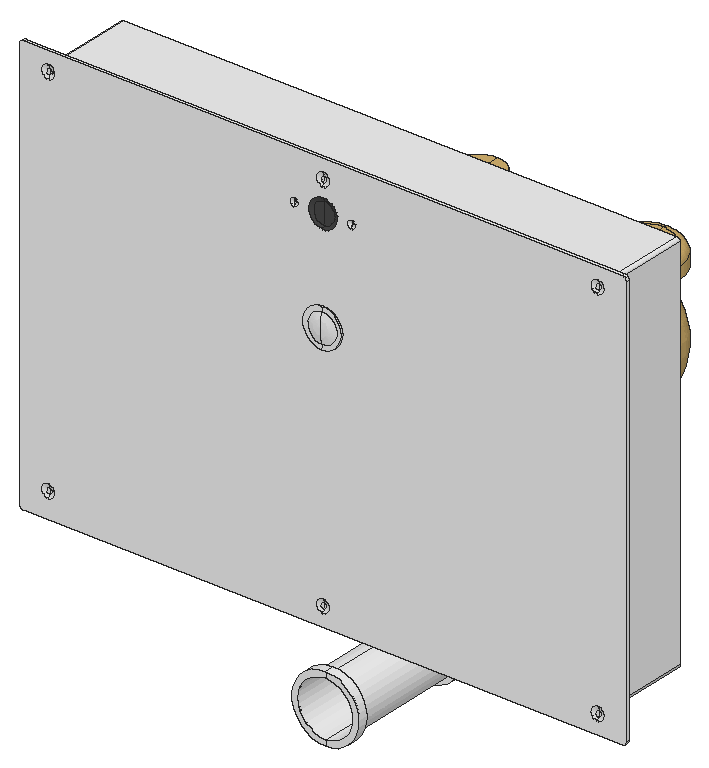
Revit family "xFlush_Valve-Toilet-Wall_Box-American_Standard-Concealed-Back_Spud_Series", category Plumbing Fixtures, Revit 2014
Parameters (values of type "606B.312")
  Waste Connection = no
  Warranty Information = "1 Year Limited Warranty"
  WFU = 0
  Vent Connection = no
  Valve Distance From Finished Wall = 5"
  URL = "http://www.americanstandard-us.com/"
  Type Comments = "Power Kits Must Be Purchased Separately."
  Tube Length = 8"
  Product Page URL = "https://www.americanstandard-us.com/bathroom/commercial-flushometers/selectronic-concealed-toilet-flush-valve-with-wall-box-for-wall-hung-hung-back-spud-bowls-28660"
  Product Documentation Link = "https://www.americanstandard-us.com/-/media/sites/asus/files/product-specs/commercial-flush-valves/spec-sheet-606b32-selectronic-concealed-toilet-fv-large-box-back-spud.pdf?la=en"
  Price = "Prices may vary. Please consult Manufacturer Representative for most up-to-date price list."  # constant formula
  PK00.WRK - PWRX 10-Year Battery - Power Kit = no
  PK00.PAC - Plug-In AC- Power Kit = no
  PK00.MAC - Multi-AC - Power Kit = no
  PK00.HAC - Hard Wired AC - Power Kit = no
  PK00.CRP-P2 Lithium Battery - Power Kit = no
  PK00.BBU - Battery Back-Up = yes
  Model = "606B.312"
  Material = "Metal-American Standard-002-Polished Chrome"
  Manufacturer = "American Standard"  # constant formula
  Installation Type = "Concealed, Back Spud"  # constant formula
  HWFU = 0
  HW Connection = no
  Flush Rate = "1.1 gpf/4.2 Lpf"
  Description = "Selectronic Sensor Operated Concealed Toilet Flush Valve With Wall Box"  # constant formula
  Default Elevation = 0"
  Creation Date = "09/21/2016"  # constant formula
  Cold Water Connection Width = 4 1/4"
  Cold Water Connection Radius = 1/2"
  Cold Water Connection Diameter = Cold Water Connection Radius * 2  # 1"
  CWFU = 10
  CW Connection = yes
  Assembly Code = "D2020300"
  ADA Compliant = yes
Types (4): name | Model | Flush Rate
  (no name) | "606B.312" | "1.1 gpf/4.2 Lpf"
  606B.362 | "606B.362" | "1.6 gpf/6.0 Lpf"
  606B.322 | "606B.322" | "1.28 gpf/4.8 Lpf"
  606B.312 | "606B.312" | "1.1 gpf/4.2 Lpf"
Reference planes (in)
  plane 1 "Center (Front/Back)": y = -3.78125
  plane 2: z = 0
  plane 3 "Center (Left/Right)": x = 0
  plane 4: z = 8
  plane 5: y = 1.21875
  plane 6: x = 4.25
  plane 7: z = 1.07052
  plane 8: y = -0.28125
  plane 9: y = -0.78125
  plane 10: y = -4.28125
  plane 11: y = -5.78125
  plane 12: z = 10.44552
  plane 13: z = 9.69552
  plane 14: z = 9.57052
  plane 15: z = 9.38302
  plane 16: z = 9.00825
  plane 17: z = 5.63325
  plane 18: z = 5.602
  plane 19: z = 5.102
  plane 20: z = 5.07023
  plane 21: z = 4.602
  plane 22: z = 1.69552
  plane 23: y = 0.10062
  plane 24: y = -0.02438
  plane 25: y = 0.01113
  plane 26: x = 0.75
  plane 27: x = -0.75
  plane 28: z = 11.87082
  plane 29: y = -0.39938
  plane 30: y = 0.59375
  plane 31: y = 0.62575
  plane 32: y = 0.09315
  plane 33: y = -0.15685
  plane 34: y = 0.21875
  plane 35: y = 0.15625
  plane 36: y = 0.21431
  plane 37: y = 0.46875
  plane 38: y = 0.21875
  plane 39: z = 1.69552
  plane 40: z = 1.9375
  plane 41: x = 7.9375
  plane 42: x = -7.9375
  plane 43: z = 12.9375
  plane 44: x = 5.45472
  plane 45: x = 3.04528
  plane 46: x = 0.7881
  plane 47: x = -0.78249
  plane 48: x = -7.1875
  plane 49: x = 7.1875
  plane 50: z = 12.4375
  plane 51: z = 2.4375
  plane 52: z = 12.26443
  plane 53: z = 2.4375
  plane 54: z = 2.26443
  plane 55: z = 12.26443
  plane 56: z = 12.26443
  plane 57: z = 2.26443
  plane 58: z = 11.53651
  plane 59: z = 11.53651
  plane 60: z = 8.97284
  plane 61: z = 9.47897
Forms (in)
  Revolve 1, solid, material "Brass-American Standard-Satin"
    sketch origin (0, 1.21875, -28.14848) x (0, 0, -1) y (0, -1, 0)
      loop
        line (-29.21901, 0) -> (-29.21901, 1) -> (-29.84401, 1) -> (-29.84401, 0.75) -> (-32.75048, 0.75) -> (-32.75048, 1) -> (-33.21871, 1) -> (-33.25048, 1.0625) -> (-33.75048, 1.0625) -> (-33.75048, 1.00444) -> (-33.78173, 1.00444) -> (-33.78173, 1.07613)
        arc (-33.78173, 1.07613) -> (-33.79573, 1.11554) -> (-33.83145, 1.1373) r 0.0625
        arc (-33.83145, 1.1373) -> (-35.48525, 1.39965) -> (-37.15673, 1.5) r 17.20619
        line (-37.15673, 1.5) -> (-37.15673, 1.3756) -> (-37.53151, 1.3756) -> (-37.53151, 1.1256) -> (-37.71901, 1.1256) -> (-37.71901, 0.593) -> (-37.84401, 0.593) -> (-37.84401, 0.625) -> (-38.59401, 0.625) -> (-38.59401, 0) -> (-29.21901, 0)
      axis (-38.59401, 0) -> (-29.21901, 0)
    angle from 0 to 360
  Revolve 2, solid, material "Metal-American Standard-002-Polished Chrome"
    sketch origin (0, 0, 0) x (0, 1, 0) y (0, 0, 1)
      loop
        line (0.10062, 0.8408) -> (0.01113, 0.8408) -> (-0.02438, 0.87632) -> (-0.39938, 0.87632) -> (-0.39938, 0.75) -> (-3.53125, 0.75) -> (-3.53125, 0.87632) -> (-3.78125, 0.87632) -> (-3.78125, 0.71875) -> (-0.39938, 0.71875) -> (-0.39938, 0) -> (0.10062, 0) -> (0.10062, 0.8408)
      axis (0.10062, 0) -> (-3.78125, 0)
    angle from 0 to 360
  Sweep 3, solid, material "Metal-American Standard-002-Polished Chrome"
    path origin (0, 0, 0) x (0, 1, 0) y (0, 0, 1)
      loop
        line (1.21875, 1.69552) -> (1.21875, 0.8)
        arc (1.21875, 0.8) -> (0.98444, 0.23431) -> (0.41875, 0) r 0.8
        line (0.41875, 0) -> (-0.39938, 0)
    profile origin (0, 1.21875, 1.24776) x (1, 0, 0) y (0, 1, 0)
      loop
        circle (0, 0) r 0.75
  Revolve 4, solid, material "Brass-American Standard-Satin"
    sketch origin (4.25, -180, 102.71882) x (0, 0, 1) y (0, -1, 0)
      loop
        line (-92.46142, -181.21875) -> (-92.46142, -180.46875)
        arc (-92.46142, -180.46875) -> (-92.53464, -180.29197) -> (-92.71142, -180.21875) r 0.25
        line (-92.71142, -180.21875) -> (-93.01346, -180.21875) -> (-93.01346, -180.28125) -> (-92.77988, -180.28125) -> (-92.77988, -180.71875) -> (-92.92863, -180.71875) -> (-92.92863, -181.03125) -> (-93.05257, -181.03125) -> (-93.05257, -181.125) -> (-93.14451, -181.125) -> (-93.14451, -180.59375) -> (-93.51951, -180.59375) -> (-93.67208, -180.46875) -> (-93.82884, -180.46875) -> (-93.89451, -180.41697)
        arc (-93.89451, -180.41697) -> (-94.76951, -180.21833) -> (-95.64451, -180.41697) r 2.02641
        line (-95.64451, -180.41697) -> (-95.64451, -180.46875) -> (-96.39451, -180.46875) -> (-96.39451, -180.59375) -> (-96.89451, -180.59375) -> (-96.89451, -180.71875) -> (-95.64451, -180.71875) -> (-95.64451, -181.21875) -> (-92.46142, -181.21875)
      axis (-92.46142, -181.21875) -> (-96.89451, -181.21875)
    angle from 0 to 360
  Revolve 5, solid, material "Brass-American Standard-Satin"
    sketch origin (-8.47849, 1.2, 8) x (-1, 0, 0) y (0, -1, 0)
      loop
        line (-8.47849, -0.01875) -> (-12.72849, -0.01875) -> (-12.72849, -0.83125) -> (-11.60349, -0.83125) -> (-11.60349, -1.01875) -> (-10.85349, -1.01875) -> (-10.85349, -0.64375) -> (-10.48636, -0.64375) -> (-10.48636, -0.73859)
        arc (-10.48636, -0.73859) -> (-10.47753, -0.75992) -> (-10.4562, -0.76875) r 0.03016
        line (-10.4562, -0.76875) -> (-8.47849, -0.76875) -> (-8.47849, -0.01875)
      axis (-12.72849, -0.01875) -> (-8.47849, -0.01875)
    angle from 0 to 360
  Extrusion 6, solid, material "Metal-American Standard-002-Polished Chrome"
    sketch origin (0.00041, -2.39758, -9.46824) x (1, 0, 0) y (0, 0, 1)
      loop
        arc (7.23293, 11.90776) -> (7.28861, 11.93082) -> (7.31167, 11.9865) r 0.07874
        line (7.31167, 11.9865) -> (7.31167, 21.90406)
        arc (7.31167, 21.90406) -> (7.28861, 21.95974) -> (7.23293, 21.9828) r 0.07874
        line (7.23293, 21.9828) -> (-7.23375, 21.9828)
        arc (-7.23375, 21.9828) -> (-7.28943, 21.95974) -> (-7.31249, 21.90406) r 0.07874
        line (-7.31249, 21.90406) -> (-7.31249, 11.9865)
        arc (-7.31249, 11.9865) -> (-7.28943, 11.93082) -> (-7.23375, 11.90776) r 0.07874
        line (-7.23375, 11.90776) -> (7.23293, 11.90776)
      loop
        line (-7.18791, 21.90574) -> (-7.18791, 12.03375) -> (7.18709, 12.03375) -> (7.18709, 21.90574) -> (-7.18791, 21.90574)
    from -1.0688 to 1.38367
  Extrusion 7, solid, material "Metal-American Standard-002-Polished Chrome"
    sketch origin (0.00041, -2.39758, -9.46824) x (1, 0, 0) y (0, 0, 1)
      loop
        arc (7.82772, 11.40574) -> (7.90506, 11.43778) -> (7.93709, 11.51512) r 0.10938
        line (7.93709, 11.51512) -> (7.93709, 22.29637)
        arc (7.93709, 22.29637) -> (7.90506, 22.37371) -> (7.82772, 22.40574) r 0.10938
        line (7.82772, 22.40574) -> (-7.82935, 22.40574)
        arc (-7.82935, 22.40574) -> (-7.90611, 22.37395) -> (-7.93791, 22.29718) r 0.10856
        line (-7.93791, 22.29718) -> (-7.93791, 11.51512)
        arc (-7.93791, 11.51512) -> (-7.90587, 11.43778) -> (-7.82853, 11.40574) r 0.10937
        line (-7.82853, 11.40574) -> (7.82772, 11.40574)
    from 1.38367 to 1.46241
  Extrusion 8, void
    sketch origin (7.49696, -2.39758, 2.56551) x (0, -1, 0) y (-1, 0, 0)
      loop
        line (-1.0688, 6.70886) -> (0.19104, 6.70886)
        spline (0.19104, 6.70886) -> (0.41427, 6.73562) -> (0.62228, 6.81407) -> (0.80091, 6.93887) -> (0.93797, 7.10151) -> (1.02414, 7.29091) -> (1.05352, 7.49416) -> (1.02414, 7.6974) -> (0.93797, 7.8868) -> (0.80091, 8.04944) -> (0.62228, 8.17424) -> (0.41427, 8.25269) -> (0.19104, 8.27945)
        line (0.19104, 8.27945) -> (-1.0688, 8.27945) -> (-1.0688, 6.70886)
      loop
        line (-1.0688, 2.04224) -> (0.19104, 2.04224)
        spline (0.19104, 2.04224) -> (0.41427, 2.08329) -> (0.62228, 2.20364) -> (0.80091, 2.39509) -> (0.93797, 2.6446) -> (1.02414, 2.93516) -> (1.05352, 3.24696) -> (1.02414, 3.55877) -> (0.93797, 3.84933) -> (0.80091, 4.09883) -> (0.62228, 4.29028) -> (0.41427, 4.41064) -> (0.19104, 4.45169)
        line (0.19104, 4.45169) -> (-1.0688, 4.45169) -> (-1.0688, 2.04224)
    from 0 to 0.4562
  Revolve 9, void
    sketch origin (0, -1.74898, -6.61192) x (0, 1, 0) y (0, 0, 1)
      loop
        line (-2.11101, 17.875) -> (-2.07901, 17.96794) -> (-2.07901, 18.25) -> (-2.11101, 18.25) -> (-2.11101, 17.875)
      axis (-2.11101, 18.25) -> (-2.07164, 18.25)
    angle from 0 to 360
  Revolve 10, void
    sketch origin (-7.1875, -1.74898, -5.8125) x (0, 1, 0) y (0, 0, 1)
      loop
        line (-2.11101, 18.07693) -> (-2.07901, 18.16987) -> (-2.07901, 18.25) -> (-2.11101, 18.25) -> (-2.11101, 18.07693)
      axis (-2.11101, 18.25) -> (-2.07164, 18.25)
    angle from 0 to 360
  Revolve 11, void
    sketch origin (-7.1875, -1.74898, -15.63943) x (0, 1, 0) y (0, 0, 1)
      loop
        line (-2.11101, 18.07693) -> (-2.07901, 18.16987) -> (-2.07901, 18.25) -> (-2.11101, 18.25) -> (-2.11101, 18.07693)
      axis (-2.11101, 18.25) -> (-2.07164, 18.25)
    angle from 0 to 360
  Revolve 12, void
    sketch origin (7.1875, -1.74898, -15.8125) x (0, 1, 0) y (0, 0, 1)
      loop
        line (-2.11101, 18.07693) -> (-2.07901, 18.16987) -> (-2.07901, 18.25) -> (-2.11101, 18.25) -> (-2.11101, 18.07693)
      axis (-2.11101, 18.25) -> (-2.07164, 18.25)
    angle from 0 to 360
  Revolve 13, void
    sketch origin (7.1875, -1.74898, -5.8125) x (0, 1, 0) y (0, 0, 1)
      loop
        line (-2.11101, 18.07693) -> (-2.07901, 18.16987) -> (-2.07901, 18.25) -> (-2.11101, 18.25) -> (-2.11101, 18.07693)
      axis (-2.11101, 18.25) -> (-2.07164, 18.25)
    angle from 0 to 360
  Revolve 14, void
    sketch origin (0, -1.74898, -5.8125) x (0, 1, 0) y (0, 0, 1)
      loop
        line (-2.11101, 18.07693) -> (-2.07901, 18.16987) -> (-2.07901, 18.25) -> (-2.11101, 18.25) -> (-2.11101, 18.07693)
      axis (-2.11101, 18.25) -> (-2.07164, 18.25)
    angle from 0 to 360
  Revolve 15, void
    sketch origin (0, -1.74898, -15.8125) x (0, 1, 0) y (0, 0, 1)
      loop
        line (-2.11101, 18.07693) -> (-2.07901, 18.16987) -> (-2.07901, 18.25) -> (-2.11101, 18.25) -> (-2.11101, 18.07693)
      axis (-2.11101, 18.25) -> (-2.07164, 18.25)
    angle from 0 to 360
  Revolve 16, void
    sketch origin (-0.75, -1.74898, -6.61192) x (0, 1, 0) y (0, 0, 1)
      loop
        line (-2.11101, 18.14844) -> (-2.07901, 18.20993) -> (-2.07901, 18.25) -> (-2.11101, 18.25) -> (-2.11101, 18.14844)
      axis (-2.11101, 18.25) -> (-2.07164, 18.25)
    angle from 0 to 360
  Revolve 17, void
    sketch origin (0.75, -1.74898, -6.61192) x (0, 1, 0) y (0, 0, 1)
      loop
        line (-2.11101, 18.14844) -> (-2.07901, 18.20993) -> (-2.07901, 18.25) -> (-2.11101, 18.25) -> (-2.11101, 18.14844)
      axis (-2.11101, 18.25) -> (-2.07164, 18.25)
    angle from 0 to 360
  Revolve 18, solid, material "Metal-American Standard-002-Polished Chrome"
    sketch origin (0, -54.94636, 16.8649) x (0, 1, 0) y (0, 0, 1)
      loop
        line (51.08637, -7.89205) -> (51.08637, -7.38592) -> (51.05437, -7.38592) -> (51.05437, -7.51092)
        arc (51.05437, -7.51092) -> (51.01515, -7.6997) -> (51.002, -7.89205) r 1.41307
        line (51.002, -7.89205) -> (51.08637, -7.89205)
      axis (51.002, -7.89205) -> (51.08637, -7.89205)
    angle from 0 to 360
Cuts and joins
  joined: Revolve 2, Sweep 3
  Extrusion 8 cuts Extrusion 6
  Revolve 9, Revolve 10, Revolve 11, Revolve 12, Revolve 13, Revolve 14, Revolve 15, Revolve 16, Revolve 17 cuts Extrusion 7
  joined: Extrusion 6, Extrusion 7
Lines and regions (in)
  Masking region 1
    outline origin (-8.47849, 1.2, 8) x (-1, 0, 0) y (0, -1, 0)
      loop
        line (-16.41599, 4.98125) -> (-15.79057, 4.98125) -> (-15.79057, 2.52878) -> (-9.22849, 2.52878) -> (-9.22849, 1.59938) -> (-7.72849, 1.59938) -> (-7.72849, 2.52878) -> (-1.16641, 2.52878) -> (-1.16641, 4.98125) -> (-0.54099, 4.98125) -> (-0.54099, 5.05999) -> (-7.97236, 5.05999) -> (-7.97236, 5.09199) -> (-8.10063, 5.09199)
        arc (-8.10063, 5.09199) -> (-8.47563, 5.14485) -> (-8.85063, 5.09199) r 1.35667
        line (-8.85063, 5.09199) -> (-8.98462, 5.09199) -> (-8.98462, 5.05999) -> (-16.41599, 5.05999) -> (-16.41599, 4.98125)
  Masking region 2
    outline origin (-8.47849, 1.2, 8) x (-1, 0, 0) y (0, -1, 0)
      loop
        line (-7.60217, 1.19865) -> (-7.60217, 1.59938) -> (-9.35481, 1.59938) -> (-9.35481, 1.19865)
        arc (-9.35481, 1.19865) -> (-9.59091, 0.98749) -> (-9.77741, 0.73145) r 1.5
        line (-9.77741, 0.73145) -> (-10.48636, 0.73145) -> (-10.48636, 0.60629) -> (-10.85349, 0.60629) -> (-10.85349, 0.98125) -> (-11.60349, 0.98125) -> (-11.60349, 0.7944) -> (-12.14643, 0.7944)
        arc (-12.14643, 0.7944) -> (-13.72849, -0.01875) -> (-12.14643, -0.8319) r 1
        line (-12.14643, -0.8319) -> (-11.60349, -0.8319) -> (-11.60349, -1.01875) -> (-10.85349, -1.01875) -> (-10.85349, -0.64379) -> (-10.48636, -0.64379) -> (-10.48636, -0.76895) -> (-9.77741, -0.76895)
        arc (-9.77741, -0.76895) -> (-7.47225, -1.13118) -> (-7.60217, 1.19865) r 1.5
  symbolic lines, detail levels medium+fine
    curve 1: line (7.31208, -3.78125, 8) -> (-7.31208, -3.78125, 8)
    curve 2: line (7.31208, -1.32878, 8) -> (-7.31208, -1.32878, 8)
    curve 3: circle (0, 1.21875, 8) r 0.625 normal (0, 0, 1)
    curve 4: arc (3.66794, 0.4056, 8) -> (3.25, 1.21875, 8) -> (3.66794, 2.0319, 8) r 1
    curve 5: line (2.375, 1.84379, 8) -> (2.375, 0.59375, 8)
    curve 6: line (3.125, 2.0319, 8) -> (3.125, 0.40625, 8)
    curve 7: line (2.00788, 1.84379, 8) -> (2.00788, 0.59371, 8)
    curve 8: arc (1.29892, 1.96895, 8) -> (1.5, 1.21875, 8) -> (1.29892, 0.46855, 8) r 1.5
    curve 9: arc (0.87632, 0.00135, 8) -> (0, -0.28125, 8) -> (-0.87632, 0.00135, 8) r 1.5
    curve 12: line (0.75, -0.39938, 8) -> (0.75, -3.78125, 8)
    curve 13: line (-0.75, -3.78125, 8) -> (-0.75, -0.39938, 8)
    curve 14: line (-0.50613, -3.85999, 8) -> (0.50613, -3.85999, 8)
  symbolic lines, detail levels fine
    curve 10: circle (0, 1.21875, 8) r 1.1256 normal (0, 0, 1)
    curve 11: circle (0, 1.21875, 8) r 1.3756 normal (0, 0, 1)
Dimensions and locks (in)
  "Cold Water Connection Width": plane 6 to plane 3 "Center (Left/Right)"
  plane 12 to plane 13 to plane 14 to plane 15 to plane 16 to plane 4 to plane 17 to plane 18 to plane 19 to plane 20 to plane 21 = 3/4" locked, 1/8" locked, 3/16" locked, 0.37478" locked, 1.00825" locked, 2.36675" locked, 1/32" locked, 1/2" locked, 0.03177" locked, 0.46823" locked
  "Tube Length": plane 4 to plane 2
  locked: plane 1 "Center (Front/Back)" to plane 10 at 0.5
  locked: plane 5 to plane 23 at 1.11813
  plane 23 to plane 25 to plane 24 = 0.08948" locked, 0.03552" locked
  locked: plane 5 to plane 9 at 2
  locked: plane 24 to plane 29 at 0.375
  "Valve Distance From Finished Wall": plane 5 to plane 1 "Center (Front/Back)"
  plane 5 to plane 31 to plane 30 to plane 32 to plane 33 to plane 8 = 0.593" locked, 0.032" locked, 0.5006" locked, 1/4" locked, 0.1244" locked
  plane 5 to plane 37 to plane 34 to plane 38 to plane 36 to plane 35 = 3/4" locked, 1/4" locked, 0" locked, 0.00444" locked, 0.05806" locked
  locked: plane 45 to plane 44 at 2.40945
  locked: plane 47 to plane 46 at 1.57058
  locked: plane 45 to plane 6 at 1.20472
  locked: plane 61 to plane 60 at 0.50613
  locked: plane 60 to plane 2 at 8.97284
  locked: Masking region 2 sketch curve to Masking region 2 sketch curve at 0.75
  aligned and locked: Revolve 2 sketch curve to level
  aligned and locked: plane 5 to Sweep 3 sketch curve
  aligned and locked: plane 2 to Sweep 3 sketch curve
  aligned and locked: Revolve 2 sketch curve to plane 23
  aligned and locked: plane 25 to Revolve 2 sketch curve
  aligned and locked: plane 24 to Revolve 2 sketch curve
  aligned and locked: Revolve 1 sketch curve to plane 30
  aligned and locked: Revolve 1 sketch curve to plane 31
  aligned and locked: Revolve 1 sketch curve to plane 32
  aligned and locked: plane 33 to Revolve 1 sketch curve
  aligned and locked: plane 8 to Revolve 1 sketch curve
  aligned and locked: Revolve 1 sketch curve to plane 35
  aligned and locked: Revolve 1 sketch curve to plane 36
  aligned and locked: Revolve 1 sketch curve to plane 34
  aligned and locked: plane 37 to Revolve 1 sketch curve
  aligned and locked: plane 38 to Revolve 1 sketch curve
  aligned and locked: Revolve 1 sketch curve to plane 5
  aligned and locked: Revolve 1 sketch curve to Revolve 1 sketch curve
  aligned and locked: plane 4 to Revolve 5 sketch curve
  aligned and locked: plane 39 to Sweep 3 sketch curve
  aligned and locked: plane 43 to Extrusion 7 sketch curve
  aligned and locked: Extrusion 7 sketch curve to plane 41
  aligned and locked: Extrusion 7 sketch curve to plane 42
  aligned and locked: plane 44 to Extrusion 8 sketch curve
  aligned and locked: Extrusion 8 sketch curve to plane 45
  aligned and locked: Extrusion 8 sketch curve to plane 47
  aligned and locked: plane 46 to Extrusion 8 sketch curve
  aligned and locked: plane 60 to Revolve 18 sketch curve  (x2)
  aligned and locked: Revolve 18 sketch curve to plane 61
  aligned and locked: Masking region 1 sketch curve to cut or joined group 1 (Extrusion 6, Extrusion 7, Extrusion 8, Revolve 9, Revolve 10, Revolve 11, Revolve 12, Revolve 13, Revolve 14, Revolve 15, Revolve 16, Revolve 17)  (x2)
  aligned and locked: cut or joined group 1 to Masking region 1 sketch curve  (x2)
  aligned and locked: cut or joined group of Revolve 2, Sweep 3 to Masking region 1 sketch curve
  aligned and locked: Masking region 2 to Revolve 5  (x3)
  aligned and locked: Revolve 5 to Masking region 2
  aligned and locked: Masking region 2 sketch curve to Masking region 2 sketch curve  (x2)
  aligned and locked: cut or joined group 1 to curve 1
  aligned and locked: cut or joined group 1 to curve 2
  aligned and locked: curve 3 to Revolve 1
  aligned and locked: curve 4 to Revolve 4
  aligned and locked: Revolve 5 to curve 5
  aligned and locked: Revolve 5 to curve 6
  aligned and locked: Revolve 5 to curve 7
  aligned and locked: curve 8 to Revolve 1
  aligned and locked: curve 9 to Revolve 1
  aligned and locked: curve 10 to Revolve 1
  aligned and locked: curve 11 to Revolve 1
  aligned and locked: curve 12 to plane 26
  aligned and locked: curve 13 to plane 27
  aligned and locked: Masking region 2 to curve 12
  aligned and locked: Masking region 2 to curve 13
  aligned and locked: plane 1 "Center (Front/Back)" to cut or joined group of Revolve 2, Sweep 3
  aligned and locked: Revolve 18 to Masking region 1 sketch curve
  aligned and locked: Masking region 1 sketch curve to Revolve 18
  aligned and locked: cut or joined group 1 to curve 14
Automatic sketch dimensions
  Revolve 5 sketch curve to plane 5 = 0"  (x2)
  Revolve 5 sketch curve to plane 3 "Center (Left/Right)" = 0"
  Revolve 5 sketch curve to plane 6 = 0"
  plane 26 to Revolve 5 sketch curve = 1.22771"
  Revolve 5 sketch curve to Revolve 5 sketch curve = 0.03016"
  Revolve 5 sketch curve to Revolve 5 sketch curve = 0.36712"
  Revolve 5 sketch curve to Revolve 5 sketch curve = 3/4"
  plane 5 to Revolve 5 sketch curve = 5/8"
  Revolve 5 sketch curve to Revolve 5 sketch curve = 0.09484"
  Revolve 5 sketch curve to Revolve 5 sketch curve = 3/16"
  Revolve 5 sketch curve to Revolve 5 sketch curve = 3/8"
  Revolve 5 sketch curve to plane 27 = 1/4"
  plane 27 to Revolve 5 sketch curve = 1 3/4"
  Revolve 1 sketch curve to plane 12 = 0"
  Revolve 1 sketch curve to plane 13 = 0"
  Revolve 1 sketch curve to plane 14 = 0"
  Revolve 1 sketch curve to plane 15 = 0"
  Revolve 1 sketch curve to plane 16 = 0"
  Revolve 1 sketch curve to plane 17 = 0"
  Revolve 1 sketch curve to plane 18 = 0"
  Revolve 1 sketch curve to plane 19 = 0"
  Revolve 1 sketch curve to plane 20 = 0"
  Revolve 1 sketch curve to plane 21 = 0"
  Revolve 1 sketch curve to plane 22 = 0"
  Revolve 1 sketch curve to plane 7 = 0"
  Revolve 1 sketch curve to plane 15 = 0.1806"
  Revolve 1 sketch curve to plane 35 = 0.01363"
  Revolve 1 sketch curve to Revolve 1 sketch curve = 1/16"
  plane 5 to Revolve 1 sketch curve = 15.7051"
  level to Revolve 1 sketch curve = 0.43421"
  level to Revolve 1 sketch curve = 0.18421"
  Sweep 3 sketch curve to plane 5 = 0.8"
  Sweep 3 sketch curve to plane 9 = 0.38187"
  Sweep 3 sketch curve to plane 3 "Center (Left/Right)" = 0"
  profile plane to Sweep 3 sketch curve = 0"
  Revolve 4 sketch curve to plane 5 = 0"  (x2)
  Revolve 4 sketch curve to plane 5 = 1/2"
  Revolve 4 sketch curve to plane 4 = 2.17568"
  Revolve 4 sketch curve to Revolve 4 sketch curve = 1/2"
  Revolve 4 sketch curve to Revolve 4 sketch curve = 3/4"
  Revolve 4 sketch curve to Revolve 4 sketch curve = 0"
  Revolve 4 sketch curve to plane 4 = 0.05068"
  plane 4 to Revolve 4 sketch curve = 0.82432"
  Revolve 4 sketch curve to Revolve 4 sketch curve = 0.06567"
  Revolve 4 sketch curve to Revolve 4 sketch curve = 0.15676"
  Revolve 4 sketch curve to Revolve 4 sketch curve = 0.15257"
  Revolve 4 sketch curve to plane 5 = 3/32"
  Revolve 4 sketch curve to Revolve 4 sketch curve = 3/8"
  Revolve 4 sketch curve to Revolve 4 sketch curve = 0.09194"
  Revolve 4 sketch curve to Revolve 4 sketch curve = 0.13105"
  Revolve 4 sketch curve to Revolve 4 sketch curve = 0.21587"
  Revolve 4 sketch curve to Revolve 4 sketch curve = 0.14875"
  Revolve 4 sketch curve to Revolve 4 sketch curve = 0.06847"
  Revolve 4 sketch curve to Revolve 4 sketch curve = 1/4"  (x2)
  plane 5 to Revolve 4 sketch curve = 1.02599"
  Revolve 4 sketch curve to Revolve 4 sketch curve = 3/32"
  Revolve 4 sketch curve to Revolve 4 sketch curve = 5/16"
  Revolve 4 sketch curve to Revolve 4 sketch curve = 1/8"  (x4)
  Revolve 4 sketch curve to Revolve 4 sketch curve = 0.05178"
  Revolve 4 sketch curve to Revolve 4 sketch curve = 1/16"
  Revolve 4 sketch curve to Revolve 4 sketch curve = 0.26877"
  plane 50 to Revolve 4 sketch curve = 0.09003"
  Extrusion 6 sketch curve to plane 48 = 0"
  plane 49 to Extrusion 6 sketch curve = 0"
  Extrusion 6 sketch curve to plane 50 = 0"
  Extrusion 6 sketch curve to plane 48 = 0.04584"  (x2)
  plane 50 to Extrusion 6 sketch curve = 0.00168"  (x2)
  Extrusion 6 sketch curve to Extrusion 6 sketch curve = 0.07874"
  plane 51 to Extrusion 6 sketch curve = 0.00202"
  Extrusion 6 sketch curve to plane 49 = 0.04584"  (x2)
  Extrusion 6 sketch curve to Extrusion 6 sketch curve = 0.04725"
  Extrusion 7 sketch curve to plane 40 = 0"
  Extrusion 7 sketch curve to plane 42 = 0.10856"
  plane 40 to Extrusion 7 sketch curve = 7/64"  (x2)
  Extrusion 7 sketch curve to plane 41 = 7/64"
  Extrusion 6 to Extrusion 8 sketch curve = 0"  (x2)
  Extrusion 6 to Extrusion 8 sketch curve = 1.19263"  (x2)
  plane 1 "Center (Front/Back)" to Revolve 9 sketch curve = 0.07874"
  Revolve 9 sketch curve to Revolve 9 sketch curve = 0.032"
  plane 28 to Revolve 9 sketch curve = 0.60774"
  Revolve 9 sketch curve to Revolve 9 sketch curve = 0.09294"
  plane 28 to Revolve 9 sketch curve = 0.23274"
  Revolve 9 sketch curve to Revolve 9 sketch curve = 0"  (x2)
  Revolve 9 sketch curve to plane 1 "Center (Front/Back)" = 0.00526"
  plane 52 to Revolve 10 sketch curve = 0"
  plane 50 to Revolve 10 sketch curve = 0"  (x2)
  plane 1 "Center (Front/Back)" to Revolve 10 sketch curve = 0.07874"
  Revolve 10 sketch curve to Revolve 10 sketch curve = 0.032"
  Revolve 10 sketch curve to Revolve 10 sketch curve = 0.08013"
  Revolve 10 sketch curve to Revolve 10 sketch curve = 0"
  Revolve 10 sketch curve to plane 1 "Center (Front/Back)" = 0.00526"
  Revolve 11 sketch curve to plane 51 = 0"
  plane 1 "Center (Front/Back)" to Revolve 11 sketch curve = 0.07874"
  Revolve 11 sketch curve to Revolve 11 sketch curve = 0.032"
  plane 51 to Revolve 11 sketch curve = 0.09294"
  Revolve 11 sketch curve to Revolve 11 sketch curve = 0.08013"
  Revolve 11 sketch curve to Revolve 11 sketch curve = 0"  (x2)
  Revolve 11 sketch curve to plane 1 "Center (Front/Back)" = 0.00526"
  plane 54 to Revolve 12 sketch curve = 0"
  Revolve 12 sketch curve to plane 51 = 0"  (x2)
  plane 1 "Center (Front/Back)" to Revolve 12 sketch curve = 0.07874"
  Revolve 12 sketch curve to Revolve 12 sketch curve = 0.032"
  Revolve 12 sketch curve to Revolve 12 sketch curve = 0.08013"
  Revolve 12 sketch curve to Revolve 12 sketch curve = 0"
  Revolve 12 sketch curve to plane 1 "Center (Front/Back)" = 0.00526"
  plane 55 to Revolve 13 sketch curve = 0"
  plane 50 to Revolve 13 sketch curve = 0"  (x2)
  plane 1 "Center (Front/Back)" to Revolve 13 sketch curve = 0.07874"
  Revolve 13 sketch curve to Revolve 13 sketch curve = 0.032"
  Revolve 13 sketch curve to Revolve 13 sketch curve = 0.08013"
  Revolve 13 sketch curve to Revolve 13 sketch curve = 0"
  Revolve 13 sketch curve to plane 1 "Center (Front/Back)" = 0.00526"
  plane 56 to Revolve 14 sketch curve = 0"
  plane 50 to Revolve 14 sketch curve = 0"  (x2)
  plane 1 "Center (Front/Back)" to Revolve 14 sketch curve = 0.07874"
  Revolve 14 sketch curve to Revolve 14 sketch curve = 0.032"
  Revolve 14 sketch curve to Revolve 14 sketch curve = 0.08013"
  Revolve 14 sketch curve to Revolve 14 sketch curve = 0"
  Revolve 14 sketch curve to plane 1 "Center (Front/Back)" = 0.00526"
  plane 57 to Revolve 15 sketch curve = 0"
  Revolve 15 sketch curve to plane 51 = 0"  (x2)
  plane 1 "Center (Front/Back)" to Revolve 15 sketch curve = 0.07874"
  Revolve 15 sketch curve to Revolve 15 sketch curve = 0.032"
  Revolve 15 sketch curve to plane 51 = 0.08013"
  Revolve 15 sketch curve to Revolve 15 sketch curve = 0"
  Revolve 15 sketch curve to plane 1 "Center (Front/Back)" = 0.00526"
  plane 58 to Revolve 16 sketch curve = 0"
  plane 1 "Center (Front/Back)" to Revolve 16 sketch curve = 0.07874"
  Revolve 16 sketch curve to Revolve 16 sketch curve = 0.032"
  Revolve 16 sketch curve to plane 58 = 0.0615"
  Revolve 16 sketch curve to Revolve 16 sketch curve = 0.04007"
  Revolve 16 sketch curve to Revolve 16 sketch curve = 0"  (x2)
  Revolve 16 sketch curve to plane 1 "Center (Front/Back)" = 0.00526"
  plane 59 to Revolve 17 sketch curve = 0"
  plane 1 "Center (Front/Back)" to Revolve 17 sketch curve = 0.07874"
  Revolve 17 sketch curve to Revolve 17 sketch curve = 0.032"
  Revolve 17 sketch curve to plane 59 = 0.0615"
  Revolve 17 sketch curve to Revolve 17 sketch curve = 0.04007"
  Revolve 17 sketch curve to Revolve 17 sketch curve = 0"  (x2)
  Revolve 17 sketch curve to plane 1 "Center (Front/Back)" = 0.00526"
  plane 1 "Center (Front/Back)" to Revolve 18 sketch curve = 0.16311"
  plane 1 "Center (Front/Back)" to Revolve 18 sketch curve = 0.11074"
  plane 1 "Center (Front/Back)" to Revolve 18 sketch curve = 0.07874"
  Revolve 18 sketch curve to plane 1 "Center (Front/Back)" = 1.24996"
  Revolve 18 sketch curve to Revolve 18 sketch curve = 0"
  plane 1 "Center (Front/Back)" to Revolve 18 sketch curve = 0.02397"
  Masking region 2 sketch curve to Masking region 2 sketch curve = 0"  (x2)
  Masking region 2 sketch curve to plane 5 = 0"  (x2)
  Masking region 2 sketch curve to plane 6 = 0"
  Masking region 2 sketch curve to plane 3 "Center (Left/Right)" = 0"
  Masking region 2 sketch curve to plane 6 = 0.58206"  (x2)
  Masking region 2 sketch curve to Masking region 2 sketch curve = 0.54294"
  Masking region 2 sketch curve to Masking region 2 sketch curve = 0.36712"  (x2)
  plane 26 to Masking region 2 sketch curve = 0.54892"  (x2)
  plane 26 to Masking region 2 sketch curve = 0.12632"
  plane 27 to Masking region 2 sketch curve = 0.12632"
  plane 5 to Masking region 2 sketch curve = 0.62504"
  Masking region 2 sketch curve to Masking region 2 sketch curve = 0.12516"  (x2)
  plane 5 to Masking region 2 sketch curve = 0.81315"
  Masking region 2 sketch curve to Masking region 2 sketch curve = 0.18685"
  Masking region 2 sketch curve to plane 5 = 0.62504"
  Masking region 2 sketch curve to Masking region 2 sketch curve = 0.37496"
  Masking region 2 sketch curve to plane 9 = 0.38187"
  Masking region 1 sketch curve to plane 41 = 0"
  Masking region 1 sketch curve to plane 26 = 0"
  Masking region 1 sketch curve to plane 27 = 0"
  Masking region 1 sketch curve to plane 42 = 0"
  Masking region 1 sketch curve to plane 49 = 0.12458"
  Masking region 1 sketch curve to plane 26 = 0.24387"
  Masking region 1 sketch curve to Masking region 1 sketch curve = 0.13399"
  Masking region 1 sketch curve to plane 3 "Center (Left/Right)" = 0.00286"
  Masking region 1 sketch curve to Masking region 1 sketch curve = 0.12827"
  Masking region 1 sketch curve to plane 48 = 0.12458"
  Masking region 1 sketch curve to plane 1 "Center (Front/Back)" = 1.19307"
  Masking region 1 sketch curve to Masking region 1 sketch curve = 0.032"
  plane 1 "Center (Front/Back)" to Masking region 1 sketch curve = 0.07874"
  curve 1 to plane 49 = 0.12458"
  curve 2 to plane 49 = 0.12458"
  curve 4 to curve 6 = 0.54294"  (x2)
  plane 26 to curve 8 = 0.54892"  (x2)
  plane 26 to curve 9 = 0.12632"
  curve 14 to plane 26 = 0.24387"
  curve 14 to plane 27 = 0.24387"
  plane 27 to curve 9 = 0.12632"
  curve 2 to plane 48 = 0.12458"
  curve 1 to plane 48 = 0.12458"
  plane 5 to curve 7 = 0.62504"
  curve 7 to curve 5 = 0"
  curve 6 to curve 4 = 0"
  curve 5 to plane 5 = 5/8"
  curve 5 to curve 7 = 0.00004"
  curve 6 to curve 4 = 0.00065"
  Revolve 2 sketch curve to plane 1 "Center (Front/Back)" = 0"
  Revolve 2 sketch curve to level = 0"
  Revolve 2 sketch curve to plane 29 = 0"  (x2)
  Revolve 2 sketch curve to Revolve 2 sketch curve = 1/4"
  Revolve 2 sketch curve to Revolve 2 sketch curve = 0.15757"
  Revolve 2 sketch curve to Revolve 2 sketch curve = 0.12632"
  Revolve 2 sketch curve to plane 1 "Center (Front/Back)" = 0.02812"
  Revolve 2 sketch curve to Revolve 2 sketch curve = 1"
  Revolve 2 sketch curve to plane 7 = 0.35177"
  Revolve 2 sketch curve to Revolve 2 sketch curve = 1/32"
  Revolve 2 sketch curve to Revolve 2 sketch curve = 0.03552"
  radius of Sweep 3 sketch curve = 3/4"
Connectors (in)
  piping at (4.25, 1.21875, 5.82432), diameter 1, driven by "Cold Water Connection Radius", driven by "CWFU"
    settings: on Revolve 4, index 1, connector inside diameter 24", connector length 0", flow factor 0, pipe flow 0 GPM, pressure drop 0.00 psi, fitting loss kfactor 0, connector angle 0.00°, fixture units 10, engagement length 0", angle of deflection 0.00°, flow configuration 3, flow direction 1, fitting loss method 0, system type 20, joint type 0, gender type 0, connector reference index -1, connector utility 0, adjustable connector no, is connector primary yes, connector description "1\" CW NPT Supply Inlet"
